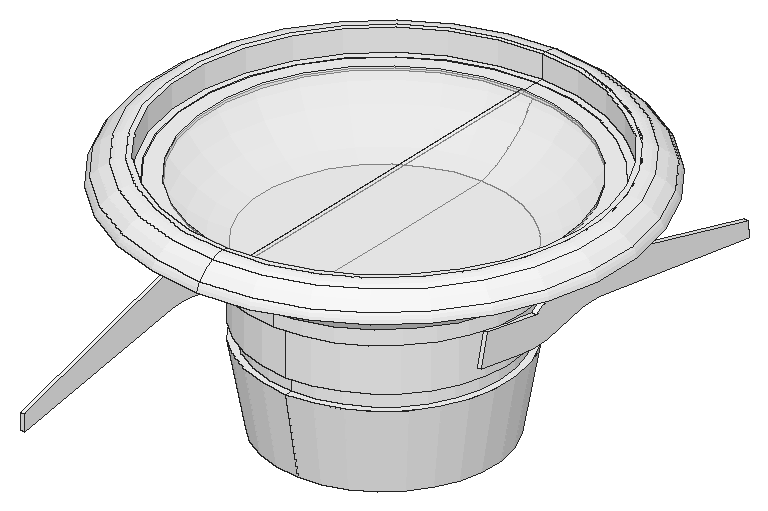
Revit family "LBRA-6RD", category Lighting Fixtures, host Face, Revit 2021
Family settings
  Host = Face
  Round Connector Dimension = Use Diameter
  Part Type = Normal
  OmniClass Number = 23.80.70.11
  OmniClass Title = Luminaries for Internal Lighting
  Cut with Voids When Loaded = No
  Light Source = Yes
  Shared = No
  Room Calculation Point = No
Parameters (values of type "LBRA-6RD")
  Width = 7.64"
  Wattage = 17 W
  built-in parameter 1150110 = 1 (stored number, unit not read)
  Voltage = 120 V
  Wattage Comments = "11.5W"
  URL = "https://www.currentlighting.com/prescolite"
  built-in parameter 1114217 = 1 (stored number, unit not read)
  Tilt Angle = -90.00°
  built-in parameter 1150109 = 1 (stored number, unit not read)
  built-in parameter 1150134 = (empty or 0)
  built-in parameter 1150113 = 1 (stored number, unit not read)
  Product Page URL = ""
  Product Documentation Link = ""
  Watts = 17 W
  Photometric Web File = "LBRA-6RD-T-10LCS9-WH_27K.IES"
  Model = "LBRA-6RD"  # constant formula
  Manufacturer = "Prescolite Lighting"  # constant formula
  built-in parameter 1150105 = 78.463 (stored number, unit not read)
  Lumens = 986 lm
  built-in parameter 1150115 = 1 (stored number, unit not read)
  built-in parameter 1150137 = (empty or 0)
  built-in parameter 1150139 = (empty or 0)
  built-in parameter 1150112 = 1 (stored number, unit not read)
  built-in parameter 1150114 = 1 (stored number, unit not read)
  Lamp = "LED Lamp"
  Inner Width = 6.10"
  built-in parameter 1150132 = (empty or 0)
  built-in parameter 1150102 = (empty or 0)
  built-in parameter 1150107 = 3000 (stored number, unit not read)
  built-in parameter 1150138 = (empty or 0)
  built-in parameter 1150106 = 0.78463 (stored number, unit not read)
  Glass = White Glass
  Features = "4 inch and 6 inch aperture retrofit downlight and wall wash trim\r\n700 or 1000 nominal delivered lumens \r\nSwitchable CCT – 2700K/3000K/3500K/4000K/5000K \r\n90 CRI standard \r\nUniversal Voltage (120-277V), ideal for commercial applications \r\nPhase Dimmable to 5% (120V Triac/ELV) \r\nRetrofit into existing incandescent recessed housings with accessory or use with compatible dedicated LED Quick Link housings\r\n"  # constant formula
  built-in parameter 1150104 = 5.3884 (stored number, unit not read)
  Dimming Lamp Color Temperature Shift = <None>
  Description = "The LiteBox® A-Series is a family of retrofit trims that can be used with dedicated LiteBox LED QuickLink housings or installed into existing incandescent recessed housings with a socket adapter accessory."  # constant formula
  Default Elevation = 48.00"
  Contact us = ""
  Color Filter = 16777215
  Certifications = "cETLus listed to UL1598\r\n• Can be used in direct contact with insulation\r\n(IC Rated)\r\n• Suitable for wet locations, covered ceiling\r\n• Suitable for use in clothes closets when\r\ninstalled in accordance to N.E.C. 410.16\r\n• ENERGY STAR® certified\r\n• Meets CA Title 24 High Efficacy (JA8-2019)\r\nrequirements"  # constant formula
  CRI = "90+ CRI"
  built-in parameter 1114218 = 1 (stored number, unit not read)
  Backbox = White
  built-in parameter 1150133 = 10 (stored number, unit not read)
  Apparent Load = 0 VA
Reference planes (in)
  plane 1 "Center (Front/Back)": y = -8.21443
  plane 2: z = 0
  plane 3 "Center (Left/Right)": x = 1.66944
  plane 4: x = -1.09056
  plane 5: x = 4.42944
  plane 6: x = 5.32944
  plane 7: x = -1.99056
  plane 8: y = -4.39443
  plane 9: y = -12.03443
  plane 10: z = 1.34
  plane 11: z = -3.8
  plane 12: y = -11.26443
  plane 13: y = -5.16443
Forms (in)
  Revolve 1, solid, material "White" <- "Backbox"
    sketch origin (1.66944, 0, 0) x (0, 1, 0) y (0, 0, 1)
      loop
        line (-11.42818, 0.36161) -> (-11.5061, 0.36161)
        arc (-11.5061, 0.36161) -> (-11.61243, 0.34837) -> (-11.71226, 0.30944) r 0.43339
        arc (-11.71226, 0.30944) -> (-11.84723, 0.21853) -> (-11.96215, 0.10332) r 0.84033
        arc (-11.96215, 0.10332) -> (-12.0033, 0.03844) -> (-12.02759, -0.03445) r 0.316
        line (-12.02759, -0.03445) -> (-11.03287, -0.03445) -> (-11.03287, -0.00345) -> (-11.42818, -0.00345) -> (-11.42818, 0.36161)
      axis (-8.21443, 0.36161) -> (-8.21443, -0.03445)
    angle from 0 to 360
  Revolve 2, solid, material "White Glass" <- "Glass"
    sketch origin (1.66944, 0, -0.03125) x (0, 1, 0) y (0, 0, 1)
      loop
        line (-8.21443, -0.00078) -> (-8.21443, 0.05625) -> (-11.03443, 0.05625) -> (-11.03443, -0.00078) -> (-8.21443, -0.00078)
      axis (-8.21443, 0.05625) -> (-8.21443, -0.00078)
    angle from 0 to 360
  Revolve 3, solid, material "White" <- "Backbox"
    sketch origin (1.66944, 0, 0) x (0, 1, 0) y (0, 0, 1)
      loop
        arc (-11.42818, -0.00345) -> (-11.04611, -0.58278) -> (-10.46678, -0.96485) r 1.7264
        line (-10.46678, -0.96485) -> (-10.46678, -1.21485) -> (-10.21678, -1.21485) -> (-10.21678, -2.06255) -> (-10.10093, -2.06255) -> (-10.10093, -2.31255) -> (-10.21678, -2.31255) -> (-9.98218, -3.61678) -> (-8.21443, -3.61678) -> (-8.21443, -0.94443) -> (-10.20111, -0.94443)
        arc (-10.20111, -0.94443) -> (-10.8722, -0.60673) -> (-11.31993, -0.00345) r 1.6264
        line (-11.31993, -0.00345) -> (-11.42818, -0.00345)
      axis (-8.21443, -0.00345) -> (-8.21443, -3.61678)
    angle from 0 to 360
  Extrusion 4, solid, material "White" <- "Backbox"
    sketch origin (-0.57088, 0, 0) x (0, 1, 0) y (0, 0, 1)
      loop
        line (-7.75422, -1.35502) -> (-8.73903, -1.52867)
        arc (-8.73903, -1.52867) -> (-9.29475, -1.26029) -> (-9.91021, -1.21485) r 1.65018
        line (-9.91021, -1.21485) -> (-13.04947, -2.05601) -> (-13.04947, -2.30601) -> (-10.05372, -1.83153)
        arc (-10.05372, -1.83153) -> (-9.85419, -1.81778) -> (-9.65535, -1.8393) r 1.13415
        line (-9.65535, -1.8393) -> (-8.96001, -1.97741)
        arc (-8.96001, -1.97741) -> (-8.7037, -2.00401) -> (-8.44688, -1.98293) r 1.39261
        line (-8.44688, -1.98293) -> (-7.62481, -1.83798) -> (-7.75422, -1.35502)
    from 0.18025 to 0.25023
  Extrusion 5, solid, material "White" <- "Backbox"
    sketch origin (3.90977, -16.42886, 0) x (0, -1, 0) y (0, 0, 1)
      loop
        line (-7.75422, -1.35502) -> (-8.73903, -1.52867)
        arc (-8.73903, -1.52867) -> (-9.29475, -1.26029) -> (-9.91021, -1.21485) r 1.65018
        line (-9.91021, -1.21485) -> (-13.04947, -2.05601) -> (-13.04947, -2.30601) -> (-10.05372, -1.83153)
        arc (-10.05372, -1.83153) -> (-9.85419, -1.81778) -> (-9.65535, -1.8393) r 1.13415
        line (-9.65535, -1.8393) -> (-8.96001, -1.97741)
        arc (-8.96001, -1.97741) -> (-8.7037, -2.00401) -> (-8.44688, -1.98293) r 1.39261
        line (-8.44688, -1.98293) -> (-7.62481, -1.83798) -> (-7.75422, -1.35502)
    from 0.18025 to 0.25023
Dimensions and locks (in)
  plane 6 to plane 7 = 7.32"
  "Width": plane 8 to plane 9
  equal spacing: plane 8, plane 1 "Center (Front/Back)", plane 9
  "Inner Width": plane 13 to plane 12
  equal spacing: plane 13, plane 1 "Center (Front/Back)", plane 12
  aligned and locked: plane 2 to host face
  aligned and locked: level to host face
  aligned and locked: imposter light to plane 1 "Center (Front/Back)"
  aligned and locked: plane 3 "Center (Left/Right)" to imposter light
Automatic sketch dimensions
  host sketch curve to host sketch curve = 96.00"
  host sketch curve to host sketch curve = 112.80516"
  Revolve 1 sketch curve to plane 1 "Center (Front/Back)" = 0.00"
  Revolve 1 sketch curve to level = 0.03445"
  Revolve 1 sketch curve to plane 12 = 0.23156"
  plane 12 to Revolve 1 sketch curve = 0.04809"
  plane 12 to Revolve 1 sketch curve = 0.16375"
  Revolve 1 sketch curve to Revolve 1 sketch curve = 0.07792"
  Revolve 1 sketch curve to level = 0.09713"
  Revolve 1 sketch curve to Revolve 1 sketch curve = 0.21176"
  Revolve 1 sketch curve to plane 9 = 0.00684"
  Revolve 1 sketch curve to level = 0.42973"
  Revolve 1 sketch curve to level = 0.07178"
  Revolve 1 sketch curve to level = 0.00345"
  level to Revolve 1 sketch curve = 0.36161"
  Revolve 1 sketch curve to Revolve 1 sketch curve = 0.00"
  Revolve 1 sketch curve to plane 11 = 23.03"
  plane 10 to Revolve 1 sketch curve = 53.9676"
  Revolve 2 sketch curve to plane 1 "Center (Front/Back)" = 0.00"  (x2)
  Revolve 2 sketch curve to level = 0.03203"
  Revolve 2 sketch curve to plane 12 = 0.23"
  level to Revolve 2 sketch curve = 0.025"
  Revolve 2 sketch curve to plane 11 = 23.06125"
  plane 10 to Revolve 2 sketch curve = 53.5984"
  Revolve 3 sketch curve to Revolve 3 sketch curve = 0.00"  (x2)
  Revolve 3 sketch curve to plane 1 "Center (Front/Back)" = 0.00"  (x2)
  level to Revolve 3 sketch curve = 0.63797"
  Revolve 3 sketch curve to plane 12 = 1.43907"
  plane 11 to Revolve 3 sketch curve = 0.18322"
  Revolve 3 sketch curve to plane 12 = 1.28225"
  Revolve 3 sketch curve to plane 12 = 1.1635"
  Revolve 3 sketch curve to plane 12 = 1.06332"
  Revolve 3 sketch curve to Revolve 3 sketch curve = 0.11586"  (x2)
  Revolve 3 sketch curve to Revolve 3 sketch curve = 0.25"  (x2)
  Revolve 3 sketch curve to level = 0.00345"
  plane 12 to Revolve 3 sketch curve = 0.0555"
  Revolve 3 sketch curve to Revolve 3 sketch curve = 0.10825"
  Revolve 3 sketch curve to Revolve 3 sketch curve = 1.30423"
  Revolve 3 sketch curve to Revolve 3 sketch curve = 0.27042"
  Revolve 3 sketch curve to plane 11 = 20.20"
  plane 10 to Revolve 3 sketch curve = 53.9676"
  plane 9 to Extrusion 4 sketch curve = 1.01504"
  Extrusion 4 sketch curve to plane 12 = 1.21071"
  Extrusion 4 sketch curve to Extrusion 4 sketch curve = 0.14351"
  Extrusion 4 sketch curve to Extrusion 4 sketch curve = 0.17742"
  Extrusion 4 sketch curve to Extrusion 4 sketch curve = 0.15445"
  Extrusion 4 sketch curve to Extrusion 4 sketch curve = 0.39837"
  Extrusion 4 sketch curve to Extrusion 4 sketch curve = 0.69533"
  Extrusion 4 sketch curve to Extrusion 4 sketch curve = 0.22098"
  plane 1 "Center (Front/Back)" to Extrusion 4 sketch curve = 0.47428"
  plane 1 "Center (Front/Back)" to Extrusion 4 sketch curve = 0.23245"
  Extrusion 4 sketch curve to plane 1 "Center (Front/Back)" = 0.46021"
  Extrusion 4 sketch curve to Extrusion 4 sketch curve = 0.12941"
  plane 11 to Extrusion 4 sketch curve = 0.84829"
  Extrusion 4 sketch curve to Extrusion 4 sketch curve = 0.09747"
  plane 11 to Extrusion 4 sketch curve = 1.49399"
  Extrusion 4 sketch curve to Extrusion 4 sketch curve = 0.25"
  Extrusion 4 sketch curve to Extrusion 4 sketch curve = 0.87131"
  Extrusion 4 sketch curve to Extrusion 4 sketch curve = 0.00553"
  Extrusion 4 sketch curve to Extrusion 4 sketch curve = 0.13811"
  Extrusion 4 sketch curve to Extrusion 4 sketch curve = 0.14495"
  Extrusion 4 sketch curve to Extrusion 4 sketch curve = 0.44874"
  Extrusion 4 sketch curve to Extrusion 4 sketch curve = 0.48296"
  Extrusion 5 sketch curve to plane 8 = 1.01504"
  plane 13 to Extrusion 5 sketch curve = 1.21071"
  Extrusion 5 sketch curve to Extrusion 5 sketch curve = 0.14351"
  Extrusion 5 sketch curve to Extrusion 5 sketch curve = 0.17742"
  Extrusion 5 sketch curve to Extrusion 5 sketch curve = 0.15445"
  Extrusion 5 sketch curve to Extrusion 5 sketch curve = 0.39837"
  Extrusion 5 sketch curve to Extrusion 5 sketch curve = 0.69533"
  Extrusion 5 sketch curve to Extrusion 5 sketch curve = 0.22098"
  Extrusion 5 sketch curve to plane 1 "Center (Front/Back)" = 0.47428"
  Extrusion 5 sketch curve to plane 1 "Center (Front/Back)" = 0.23245"
  plane 1 "Center (Front/Back)" to Extrusion 5 sketch curve = 0.46021"
  Extrusion 5 sketch curve to Extrusion 5 sketch curve = 0.12941"
  plane 11 to Extrusion 5 sketch curve = 0.84829"
  Extrusion 5 sketch curve to Extrusion 5 sketch curve = 0.09747"
  plane 11 to Extrusion 5 sketch curve = 1.49399"
  Extrusion 5 sketch curve to Extrusion 5 sketch curve = 0.25"
  Extrusion 5 sketch curve to Extrusion 5 sketch curve = 0.87131"
  Extrusion 5 sketch curve to Extrusion 5 sketch curve = 0.00553"
  Extrusion 5 sketch curve to Extrusion 5 sketch curve = 0.13811"
  Extrusion 5 sketch curve to Extrusion 5 sketch curve = 0.14495"
  Extrusion 5 sketch curve to Extrusion 5 sketch curve = 0.44874"
  Extrusion 5 sketch curve to Extrusion 5 sketch curve = 0.48296"
Connectors (in)
  electrical at (1.66944, -8.21443, -0.00345), driven by "Apparent Load", driven by "Voltage"
    settings: on Revolve 1, index 1, voltage 120 V, apparent load 0 VA, apparent load phase1 0 VA, apparent load phase2 0 VA, apparent load phase3 0 VA, power factor 1, load classification "Other", number of poles 1, system type 30, power factor state 1, is connector primary yes, connector utility no, sub classification motor no, connector description "Lighting Connector"
